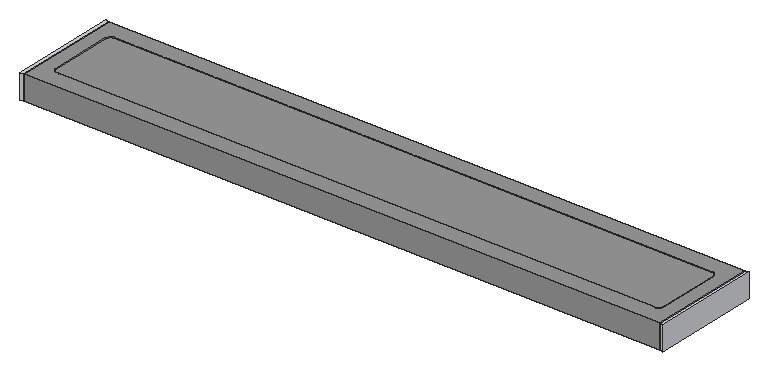
Revit family "0044081 Sylvania Lighting Fixture OPTIX S 1200 MPO DI 4000K DA WHITE", category Lighting Fixtures, host Face, Revit 2016
Family settings
  Host = Face
  Part Type = Normal
  Round Connector Dimension = Use Diameter
  OmniClass Number = 23.80.70.00
  OmniClass Title = Lighting
  Cut with Voids When Loaded = No
  Light Source = Yes
  Shared = No
  Room Calculation Point = No
Parameters (values of type "0044081 OPTIX S 1200 MPO D/I 4K DA WHITE")
  spacer height = 5 mm
  spacer centres = 1000 mm
  lens width = 1135 mm
  full length = 1200 mm
  Width = 200 mm
  Weight = "n/a"
  Wattage Comments = ""
  Wattage = 9.2903 W
  WarrantyStartDate [instance] = "n/a"
  WarrantyGuarantorParts = "n/a"
  WarrantyDurationUnit = "n/a"
  WarrantyDurationParts = ""
  WarrantyDescription = "http://www.sylvania-lighting.com"
  built-in parameter 1150110 = 1 (stored number, unit not read)
  Voltage = 0 V
  URL = "0.98"
  TypeName = "OPTIX S 1200 MPO D/I 4000K DA WHITE"
  Type Image = <None>
  Type Comments = "n/a"
  built-in parameter 1114217 = 1 (stored number, unit not read)
  Tilt Angle = 90.00°
  built-in parameter 1150109 = 1 (stored number, unit not read)
  built-in parameter 1150134 = 3
  built-in parameter 1150113 = 1 (stored number, unit not read)
  SerialNumber [instance] = "n/a"
  Photometric Web File = "0044081.ies"
  Material_3_FEILO = none
  PowerFactor = 0
  PowerConsumption = "Lighting"
  NominalLength = 200 mm
  NominalHeight = 0 mm
  NominalDepth = 0 mm
  Name = "OPTIX S 1200 MPO D/I 4000K DA WHITE"
  ModelReference = Name  # "OPTIX S 1200 MPO D/I 4000K DA WHITE"
  ModelNumber = "0044081"
  Model = Name  # "OPTIX S 1200 MPO D/I 4000K DA WHITE"
  Material = "Feilo Sylvania"
  ManufacturerName = "132 lm/W"
  Manufacturer = ""
  LuminousEfficacy = ""
  built-in parameter 1150105 = 109.82 (stored number, unit not read)
  Lumens = 1380 lm
  LuminaireType = "0"
  built-in parameter 1150115 = 1 (stored number, unit not read)
  LightOutputRatio = "LED"
  built-in parameter 1150137 = (empty or 0)
  built-in parameter 1150139 = (empty or 0)
  Lens Width = 135 mm
  Length = 1188 mm
  LampsType = Lamp  # "n/a"
  LampNominalLuminous = "4000 K"
  LampMacAdamStep = "80"
  LampColourTemperature = "LED"
  LampColourRenderingIndex = "16500"
  built-in parameter 1150112 = 1 (stored number, unit not read)
  built-in parameter 1150114 = 1 (stored number, unit not read)
  Lamp = "n/a"
  Keynote = "n/a"
  InstallationDate [instance] = "n/a"
  InputVoltage = "0"
  InputNominalFrequency = "4000"
  built-in parameter 1150132 = (empty or 0)
  built-in parameter 1150102 = (empty or 0)
  built-in parameter 1150107 = 3200 (stored number, unit not read)
  built-in parameter 1150138 = (empty or 0)
  IngressProtection = "IfcLightFixtureType"
  ImpactProtectionIndex = "IfcLightFixtureType"
  built-in parameter 1150106 = 1.0982 (stored number, unit not read)
  IfcExportType = "IfcLightFixtureType"
  IfcExportAs = "Class I"
  Height = 50 mm
  ExpectedLife = 50000
  Emit from Circle Diameter = 609.6 mm
  Emit Shape Visible in Rendering = no
  ElectricShockClassification = "132"
  built-in parameter 1150104 = 13.8 (stored number, unit not read)
  DurationUnit = "hours"
  DocumentationLiterature = "http://www.sylvania-lighting.com/product/en-int/products/0044081"
  DimmingControlOptions = "n/a"
  Material_2_FEILO = none
  Dimming Lamp Color Temperature Shift = <None>
  Description = "OPTIX S 1200 MPO D/I 4K DA WHITE is a high efficacy low glare surface or suspended LED Linear luminaire with Micro Prismatic Optic, with direct/indirect light distribution, luminaire dimensions: 1200x200x50mm, Sylvania White body colour (RAL9016), IP20, IK07, DALI Dimmable, low LED flicker (+/-5%), Neutral White (4000K) LED Colour Temperature, 4900lm luminous flux, 37W power consumption, 132lm/W system efficacy, CRI>80, SDCM 3 (3-step MacAdam ellipse) LED Colour Consistency, UGR<17, Luminance at 65° < 3000 cd/m2, lumen maintenance: L90B50 at 60000h, photobiological safety risk group 1. Electrical protection Class I."
  Default Elevation = 1219.2 mm
  CreatedOn = "20/10/2020"
  CreatedBy = "@sylvania-lighting.com"
  Cost = 0
  Color Filter = 16777215
  built-in parameter 1114216 [instance] = (empty or 0)
  ClassificationValue = "EF_70_80"
  ClassificationName = "Uniclass2015"
  Material_1_FEILO = none
  BarCode [instance] = "n/a"
  built-in parameter 1114218 = 1 (stored number, unit not read)
  built-in parameter 1150133 = 10 (stored number, unit not read)
  AssetType = "Fixed"
  AssetIdentifier [instance] = "n/a"
  Assembly Code = "D5020200"
  Apparent Load = 37 VA
  Material_4_FEILO = none
Reference planes
  plane 1 "Center (Front/Back)": y = 0
  plane 2: z = 0
  plane 3 "Center (Left/Right)": x = 0
  plane 4: z = 0
  plane 5: z = 50
  plane 6: y = 100
  plane 7: y = -100
  plane 8: x = -594
  plane 9: x = 594
  plane 10: z = 5
  plane 11: x = -500
  plane 12: x = 500
  plane 13: y = 10
  plane 14: y = -10
  plane 15: x = 487.5
  plane 16: x = 512.5
  plane 17: x = -512.5
  plane 18: x = -487.5
  plane 19: x = -567.5
  plane 20: x = 567.5
  plane 21: y = 67.5
  plane 22: y = -67.5
  plane 23: x = -557.5
  plane 24: y = 57.5
  plane 25: y = -57.5
  plane 26: x = 557.5
  plane 27: x = -600
  plane 28: x = 600
Forms (mm)
  Extrusion 1, solid, material "Aluminum 1100-H18", detail levels medium+fine
    sketch origin (4.2, 0, 0) x (1, 0, 0) y (0, 1, 0)
      loop
        line (-598.2, 100) -> (-598.2, -100) -> (589.8, -100) -> (589.8, 100) -> (-598.2, 100)
    from 5 to 50
  Extrusion 2, solid
    sketch origin (4.2, 0, 0) x (1, 0, 0) y (0, 1, 0)
      loop
        line (483.3, 10) -> (483.3, -10) -> (508.3, -10) -> (508.3, 10) -> (483.3, 10)
    from 0 to 5
  Extrusion 3, solid
    sketch origin (4.2, 0, 0) x (1, 0, 0) y (0, 1, 0)
      loop
        line (-516.7, 10) -> (-516.7, -10) -> (-491.7, -10) -> (-491.7, 10) -> (-516.7, 10)
    from 0 to 5
  Extrusion 4, void, detail levels fine
    sketch origin (4.2, 0, 0) x (0, 1, 0) y (1, 0, 0)
      loop
        line (67.5, -561.7) -> (67.5, 553.3)
        arc (67.5, 553.3) -> (64.571, 560.371) -> (57.5, 563.3) r 10
        line (57.5, 563.3) -> (-57.5, 563.3)
        arc (-57.5, 563.3) -> (-64.571, 560.371) -> (-67.5, 553.3) r 10
        line (-67.5, 553.3) -> (-67.5, -561.7)
        arc (-67.5, -561.7) -> (-64.571, -568.771) -> (-57.5, -571.7) r 10
        line (-57.5, -571.7) -> (57.5, -571.7)
        arc (57.5, -571.7) -> (64.571, -568.771) -> (67.5, -561.7) r 10
    from -50 to -48
  Extrusion 5, solid, detail levels medium+fine
    sketch origin (4.2, 0, 0) x (1, 0, 0) y (0, 1, 0)
      loop
        line (-604.2, 100) -> (-604.2, -100) -> (-598.2, -100) -> (-598.2, 100) -> (-604.2, 100)
    from 5 to 50
  Extrusion 6, solid, detail levels medium+fine
    sketch origin (4.2, 0, 0) x (1, 0, 0) y (0, 1, 0)
      loop
        line (589.8, 100) -> (589.8, -100) -> (595.8, -100) -> (595.8, 100) -> (589.8, 100)
    from 5 to 50
  Extrusion 7, solid, material "Glass, White, High Luminance", detail levels fine
    sketch origin (4.2, 0, 0) x (1, 0, 0) y (0, 1, 0)
      loop
        arc (-561.7, 67.5) -> (-568.771, 64.571) -> (-571.7, 57.5) r 10
        line (-571.7, 57.5) -> (-571.7, -57.5)
        arc (-571.7, -57.5) -> (-568.771, -64.571) -> (-561.7, -67.5) r 10
        line (-561.7, -67.5) -> (553.3, -67.5)
        arc (553.3, -67.5) -> (560.371, -64.571) -> (563.3, -57.5) r 10
        line (563.3, -57.5) -> (563.3, 57.5)
        arc (563.3, 57.5) -> (560.371, 64.571) -> (553.3, 67.5) r 10
        line (553.3, 67.5) -> (-561.7, 67.5)
    from 48 to 49.5
  Extrusion 8, solid, detail levels coarse
    sketch origin (4.2, 0, 0) x (1, 0, 0) y (0, 1, 0)
      loop
        line (-604.2, 100) -> (-604.2, -100) -> (595.8, -100) -> (595.8, 100) -> (-604.2, 100)
    from 0 to 50
Cuts and joins
  Extrusion 4 cuts Extrusion 2
  Extrusion 4 cuts Extrusion 3
  Extrusion 4 cuts Extrusion 1
Dimensions and locks
  "Width": plane 6 to plane 7
  equal spacing: plane 6, plane 1 "Center (Front/Back)", plane 7
  "Length": plane 8 to plane 9
  equal spacing: plane 8, plane 3 "Center (Left/Right)", plane 9
  "spacer height": plane 10 to host face
  "Height": plane 5 to level
  "spacer centres": plane 11 to plane 12
  equal spacing: plane 11, plane 3 "Center (Left/Right)", plane 12
  "lens width": plane 19 to plane 20
  equal spacing: plane 19, plane 3 "Center (Left/Right)", plane 20
  "Lens Width": plane 21 to plane 22
  equal spacing: plane 21, plane 1 "Center (Front/Back)", plane 22
  "full length": plane 27 to plane 28
  equal spacing: plane 27, plane 3 "Center (Left/Right)", plane 28
  aligned and locked: plane 2 to host face
  aligned and locked: level to host face
Automatic sketch dimensions
  host sketch curve to host sketch curve = 2438.4 mm  (x2)
  Extrusion 1 sketch curve to plane 7 = 0 mm
  Extrusion 1 sketch curve to plane 8 = 0 mm
  Extrusion 1 sketch curve to plane 9 = 0 mm
  Extrusion 1 sketch curve to plane 6 = 0 mm
  Extrusion 2 sketch curve to plane 14 = 0 mm
  Extrusion 2 sketch curve to plane 15 = 0 mm
  Extrusion 2 sketch curve to plane 16 = 0 mm
  Extrusion 2 sketch curve to plane 13 = 0 mm
  Extrusion 3 sketch curve to plane 14 = 0 mm
  Extrusion 3 sketch curve to plane 17 = 0 mm
  Extrusion 3 sketch curve to plane 18 = 0 mm
  Extrusion 3 sketch curve to plane 13 = 0 mm
  Extrusion 4 sketch curve to plane 22 = 0 mm
  Extrusion 4 sketch curve to plane 19 = 0 mm
  Extrusion 4 sketch curve to plane 25 = 0 mm  (x2)
  Extrusion 4 sketch curve to plane 20 = 0 mm
  Extrusion 4 sketch curve to plane 24 = 0 mm  (x2)
  Extrusion 4 sketch curve to plane 23 = 0 mm
  Extrusion 5 sketch curve to plane 7 = 0 mm
  Extrusion 5 sketch curve to plane 27 = 0 mm
  Extrusion 5 sketch curve to plane 8 = 0 mm
  Extrusion 5 sketch curve to plane 6 = 0 mm
  Extrusion 6 sketch curve to plane 7 = 0 mm
  Extrusion 6 sketch curve to plane 9 = 0 mm
  Extrusion 6 sketch curve to plane 28 = 0 mm
  Extrusion 6 sketch curve to plane 6 = 0 mm
  Extrusion 7 sketch curve to plane 23 = 0 mm  (x2)
  Extrusion 7 sketch curve to plane 21 = 0 mm
  Extrusion 7 sketch curve to plane 22 = 0 mm
  Extrusion 7 sketch curve to plane 26 = 0 mm  (x2)
  Extrusion 7 sketch curve to plane 20 = 0 mm
  Extrusion 7 sketch curve to plane 24 = 0 mm
  Extrusion 8 sketch curve to plane 7 = 0 mm
  Extrusion 8 sketch curve to plane 27 = 0 mm
  Extrusion 8 sketch curve to plane 28 = 0 mm
  Extrusion 8 sketch curve to plane 6 = 0 mm
Connectors
  electrical at (0, 0, 0), driven by "Apparent Load", driven by "PowerFactor", driven by "Voltage"
    settings: index 1, voltage 0 V, apparent load 37 VA, apparent load phase1 0 VA, apparent load phase2 0 VA, apparent load phase3 0 VA, power factor 0, load classification "Lighting", number of poles 1, system type 30, power factor state 1, is connector primary yes, connector utility no, sub classification motor no, connector description ""
